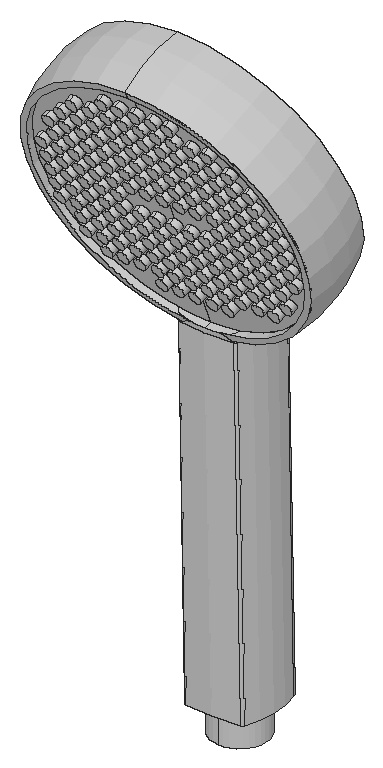
Revit family "Sanitary_Showers_hansgrohe_28031XXX-Activera-S-Hand-shower-100_1jet_EcoSmart", category Plumbing Fixtures, host Face, Revit 2022
Family settings
  Host = Face
  Round Connector Dimension = Use Diameter
  Part Type = Normal
  OmniClass Number = 23.31.17.00
  OmniClass Title = Showers
  Cut with Voids When Loaded = No
  Maintain Annotation Orientation = No
  Shared = No
  Room Calculation Point = No
Parameters (values of type "000 Chrome")
  Version = 1  # constant formula
  URL = "https://www.hansgrohe.com/"
  Product data url = "https://www.bimobject.com/en/hansgrohe/product/28031XXX"
  Product Page URL = "https://www.hansgrohe.com/articledetail--28031000"
  Model = "28031XXX"  # constant formula
  Material 1 = Hansgrohe - Metal - 000 Chrome
  Manufacturer = "Hansgrohe"  # constant formula
  Description = "Activera S Hand shower 100 1jet EcoSmart"  # constant formula
  Default Elevation = 0 mm
  Date Updated = ""
  Date Created = "2025/02/21"  # constant formula
Reference planes
  plane 1 "Center (Front/Back)": y = 0
  plane 2: z = 0
  plane 3 "Center (Left/Right)": x = 0
Forms (mm)
  Revolve 1, solid, material "Hansgrohe - Metal - 000 Chrome" <- "Material 1"
    sketch origin (0, 32.428, -26.033) x (0, 0.258819, 0.965926) y (0, -0.965926, 0.258819)
      loop
        line (14.416, 46.785) -> (4.756, 44.197) -> (7.094, 35.473) -> (16.753, 38.061) -> (14.416, 46.785)
      axis (16.753, 38.061) -> (7.094, 35.473)
    angle from 0 to 360
  Sweep 2, solid, material "Hansgrohe - Metal - 000 Chrome" <- "Material 1", detail levels fine
    path origin (0, 32.428, -26.033) x (0, 0.258819, 0.965926) y (0, -0.965926, 0.258819)
      loop
        line (7.175, 35.17) -> (130.749, 71.54)
        arc (130.749, 71.54) -> (134.829, 73.141) -> (138.567, 75.431) r 25
    profile origin (0, 0.313, -10) x (0, -0.999701, -0.024432) y (1, 0, 0)
      loop
        arc (10.586, -10.12) -> (11.012, -9.82) -> (11.229, -9.347) r 1
        arc (11.229, -9.347) -> (12.014, 0) -> (11.229, 9.347) r 56.037
        arc (11.229, 9.347) -> (11.012, 9.82) -> (10.586, 10.12) r 1
        arc (10.586, 10.12) -> (0, 11.994) -> (-10.586, 10.12) r 30.835
        arc (-10.586, 10.12) -> (-11.012, 9.82) -> (-11.229, 9.347) r 1
        arc (-11.229, 9.347) -> (-12.014, 0) -> (-11.229, -9.347) r 56.037
        arc (-11.229, -9.347) -> (-11.012, -9.82) -> (-10.586, -10.12) r 1
        arc (-10.586, -10.12) -> (0, -11.994) -> (10.586, -10.12) r 30.835
  Revolve 3, solid, material "Hansgrohe - Metal - 000 Chrome" <- "Material 1", detail levels fine
    sketch origin (0, 32.428, -26.033) x (0, 0.258819, 0.965926) y (0, -0.965926, 0.258819)
      loop
        arc (218.266, 119.458) -> (212.668, 130.299) -> (204.087, 138.974) r 40.382
        line (204.087, 138.974) -> (202.453, 137.763) -> (203.859, 135.865) -> (167.081, 108.75) -> (180.835, 90.188)
        arc (180.835, 90.188) -> (199.798, 104.506) -> (218.266, 119.458) r 702.416
      axis (165.741, 110.559) -> (180.835, 90.188)
    angle from 0 to 360
  Revolve 4, void
    sketch origin (0, 32.428, -26.033) x (0, 0.258819, 0.965926) y (0, -0.965926, 0.258819)
      loop
        line (169.372, 105.658) -> (206.15, 132.773) -> (200.414, 140.514) -> (163.702, 113.31) -> (169.372, 105.658)
      axis (163.702, 113.31) -> (169.438, 105.569)
    angle from 0 to 360
  Extrusion 5, solid, material "Hansgrohe - Metal - 000 Chrome" <- "Material 1", detail levels fine
    sketch origin (0, -29.27, 163.542) x (0, -0.367123, 0.930172) y (-1, 0, 0)
      loop
        circle (-1.101, 39.772) r 2
      loop
        circle (-1.101, 34.133) r 2
      loop
        circle (-1.101, 28.458) r 2
      loop
        circle (-1.101, 22.933) r 2
      loop
        circle (-1.101, 17.186) r 2
      loop
        circle (4.399, 39.772) r 2
      loop
        circle (4.399, 34.133) r 2
      loop
        circle (4.399, 28.458) r 2
      loop
        circle (4.399, 22.933) r 2
      loop
        circle (4.399, 17.186) r 2
      loop
        circle (4.399, 11.272) r 2
      loop
        circle (4.399, 5.747) r 2
      loop
        circle (4.399, 0) r 2
      loop
        circle (9.899, 39.772) r 2
      loop
        circle (9.899, 34.133) r 2
      loop
        circle (9.899, 28.458) r 2
      loop
        circle (9.899, 22.933) r 2
      loop
        circle (9.899, 17.186) r 2
      loop
        circle (9.899, 11.272) r 2
      loop
        circle (9.899, 5.747) r 2
      loop
        circle (9.899, 0) r 2
      loop
        circle (15.399, 34.133) r 2
      loop
        circle (15.399, 28.458) r 2
      loop
        circle (15.399, 22.933) r 2
      loop
        circle (15.399, 17.186) r 2
      loop
        circle (15.399, 11.272) r 2
      loop
        circle (15.399, 5.747) r 2
      loop
        circle (15.399, 0) r 2
      loop
        circle (20.899, 34.133) r 2
      loop
        circle (20.899, 28.458) r 2
      loop
        circle (20.899, 22.933) r 2
      loop
        circle (20.899, 17.186) r 2
      loop
        circle (20.899, 11.272) r 2
      loop
        circle (20.899, 5.747) r 2
      loop
        circle (20.899, 0) r 2
      loop
        circle (26.399, 28.458) r 2
      loop
        circle (26.399, 22.933) r 2
      loop
        circle (26.399, 17.186) r 2
      loop
        circle (26.399, 11.272) r 2
      loop
        circle (26.399, 5.747) r 2
      loop
        circle (26.399, 0) r 2
      loop
        circle (31.899, 22.933) r 2
      loop
        circle (31.899, 17.186) r 2
      loop
        circle (31.899, 11.272) r 2
      loop
        circle (31.899, 5.747) r 2
      loop
        circle (31.899, 0) r 2
      loop
        circle (37.399, 11.272) r 2
      loop
        circle (37.399, 5.747) r 2
      loop
        circle (37.399, 0) r 2
      loop
        circle (-1.101, -39.772) r 2
      loop
        circle (-1.101, -34.133) r 2
      loop
        circle (-1.101, -28.458) r 2
      loop
        circle (-1.101, -22.933) r 2
      loop
        circle (-1.101, -17.186) r 2
      loop
        circle (4.399, -39.772) r 2
      loop
        circle (4.399, -34.133) r 2
      loop
        circle (4.399, -28.458) r 2
      loop
        circle (4.399, -22.933) r 2
      loop
        circle (4.399, -17.186) r 2
      loop
        circle (4.399, -11.272) r 2
      loop
        circle (4.399, -5.747) r 2
      loop
        circle (9.899, -39.772) r 2
      loop
        circle (9.899, -34.133) r 2
      loop
        circle (9.899, -28.458) r 2
      loop
        circle (9.899, -22.933) r 2
      loop
        circle (9.899, -17.186) r 2
      loop
        circle (9.899, -11.272) r 2
      loop
        circle (9.899, -5.747) r 2
      loop
        circle (15.399, -34.133) r 2
      loop
        circle (15.399, -28.458) r 2
      loop
        circle (15.399, -22.933) r 2
      loop
        circle (15.399, -17.186) r 2
      loop
        circle (15.399, -11.272) r 2
      loop
        circle (15.399, -5.747) r 2
      loop
        circle (20.899, -34.133) r 2
      loop
        circle (20.899, -28.458) r 2
      loop
        circle (20.899, -22.933) r 2
      loop
        circle (20.899, -17.186) r 2
      loop
        circle (20.899, -11.272) r 2
      loop
        circle (20.899, -5.747) r 2
      loop
        circle (26.399, -28.458) r 2
      loop
        circle (26.399, -22.933) r 2
      loop
        circle (26.399, -17.186) r 2
      loop
        circle (26.399, -11.272) r 2
      loop
        circle (26.399, -5.747) r 2
      loop
        circle (31.899, -22.933) r 2
      loop
        circle (31.899, -17.186) r 2
      loop
        circle (31.899, -11.272) r 2
      loop
        circle (31.899, -5.747) r 2
      loop
        circle (37.399, -11.272) r 2
      loop
        circle (37.399, -5.747) r 2
      loop
        circle (-6.601, 39.772) r 2
      loop
        circle (-6.601, 34.133) r 2
      loop
        circle (-6.601, 28.458) r 2
      loop
        circle (-6.601, 22.933) r 2
      loop
        circle (-6.601, 17.186) r 2
      loop
        circle (-6.601, 11.272) r 2
      loop
        circle (-6.601, 5.747) r 2
      loop
        circle (-6.601, 0) r 2
      loop
        circle (-12.101, 39.772) r 2
      loop
        circle (-12.101, 34.133) r 2
      loop
        circle (-12.101, 28.458) r 2
      loop
        circle (-12.101, 22.933) r 2
      loop
        circle (-12.101, 17.186) r 2
      loop
        circle (-12.101, 11.272) r 2
      loop
        circle (-12.101, 5.747) r 2
      loop
        circle (-12.101, 0) r 2
      loop
        circle (-17.601, 34.133) r 2
      loop
        circle (-17.601, 28.458) r 2
      loop
        circle (-17.601, 22.933) r 2
      loop
        circle (-17.601, 17.186) r 2
      loop
        circle (-17.601, 11.272) r 2
      loop
        circle (-17.601, 5.747) r 2
      loop
        circle (-17.601, 0) r 2
      loop
        circle (-23.101, 34.133) r 2
      loop
        circle (-23.101, 28.458) r 2
      loop
        circle (-23.101, 22.933) r 2
      loop
        circle (-23.101, 17.186) r 2
      loop
        circle (-23.101, 11.272) r 2
      loop
        circle (-23.101, 5.747) r 2
      loop
        circle (-23.101, 0) r 2
      loop
        circle (-28.601, 28.458) r 2
      loop
        circle (-28.601, 22.933) r 2
      loop
        circle (-28.601, 17.186) r 2
      loop
        circle (-28.601, 11.272) r 2
      loop
        circle (-28.601, 5.747) r 2
      loop
        circle (-28.601, 0) r 2
      loop
        circle (-6.601, -39.772) r 2
      loop
        circle (-6.601, -34.133) r 2
      loop
        circle (-6.601, -28.458) r 2
      loop
        circle (-6.601, -22.933) r 2
      loop
        circle (-6.601, -17.186) r 2
      loop
        circle (-6.601, -11.272) r 2
      loop
        circle (-6.601, -5.747) r 2
      loop
        circle (-12.101, -39.772) r 2
      loop
        circle (-12.101, -34.133) r 2
      loop
        circle (-12.101, -28.458) r 2
      loop
        circle (-12.101, -22.933) r 2
      loop
        circle (-12.101, -17.186) r 2
      loop
        circle (-12.101, -11.272) r 2
      loop
        circle (-12.101, -5.747) r 2
      loop
        circle (-17.601, -34.133) r 2
      loop
        circle (-17.601, -28.458) r 2
      loop
        circle (-17.601, -22.933) r 2
      loop
        circle (-17.601, -17.186) r 2
      loop
        circle (-17.601, -11.272) r 2
      loop
        circle (-17.601, -5.747) r 2
      loop
        circle (-23.101, -34.133) r 2
      loop
        circle (-23.101, -28.458) r 2
      loop
        circle (-23.101, -22.933) r 2
      loop
        circle (-23.101, -17.186) r 2
      loop
        circle (-23.101, -11.272) r 2
      loop
        circle (-23.101, -5.747) r 2
      loop
        circle (-28.601, -28.458) r 2
      loop
        circle (-28.601, -22.933) r 2
      loop
        circle (-28.601, -17.186) r 2
      loop
        circle (-28.601, -11.272) r 2
      loop
        circle (-28.601, -5.747) r 2
      loop
        circle (-34.101, 11.272) r 2
      loop
        circle (-34.101, 5.747) r 2
      loop
        circle (-34.101, 0) r 2
      loop
        circle (-34.101, -11.272) r 2
      loop
        circle (-34.101, -5.747) r 2
    from 0 to 2.362
  Sweep 6, solid, material "Hansgrohe - Metal - 000 Chrome" <- "Material 1", detail levels medium
    path origin (0, 32.428, -26.033) x (0, 0.258819, 0.965926) y (0, -0.965926, 0.258819)
      loop
        line (7.175, 35.17) -> (130.749, 71.54)
        arc (130.749, 71.54) -> (134.829, 73.141) -> (138.567, 75.431) r 25
    profile origin (0, 0.313, -10) x (0, -0.999701, -0.024432) y (1, 0, 0)
      loop
        arc (10.586, -10.12) -> (11.012, -9.82) -> (11.229, -9.347) r 1
        arc (11.229, -9.347) -> (12.014, 0) -> (11.229, 9.347) r 56.037
        arc (11.229, 9.347) -> (11.012, 9.82) -> (10.586, 10.12) r 1
        arc (10.586, 10.12) -> (0, 11.994) -> (-10.586, 10.12) r 30.835
        arc (-10.586, 10.12) -> (-11.012, 9.82) -> (-11.229, 9.347) r 1
        arc (-11.229, 9.347) -> (-12.014, 0) -> (-11.229, -9.347) r 56.037
        arc (-11.229, -9.347) -> (-11.012, -9.82) -> (-10.586, -10.12) r 1
        arc (-10.586, -10.12) -> (0, -11.994) -> (10.586, -10.12) r 30.835
  Revolve 7, solid, material "Hansgrohe - Metal - 000 Chrome" <- "Material 1", detail levels coarse+medium
    sketch origin (0, 32.428, -26.033) x (0, 0.258819, 0.965926) y (0, -0.965926, 0.258819)
      loop
        line (180.193, 91.055) -> (219.929, 120.5) -> (205.403, 140.104) -> (165.666, 110.66) -> (180.193, 91.055)
      axis (165.666, 110.66) -> (180.193, 91.055)
    angle from 0 to 360
  Sweep 8, solid, material "Hansgrohe - Metal - 000 Chrome" <- "Material 1", detail levels coarse
    path origin (0, 32.428, -26.033) x (0, 0.258819, 0.965926) y (0, -0.965926, 0.258819)
      loop
        line (7.175, 35.17) -> (135.049, 72.805) -> (143.084, 78.759)
    profile origin (0, 0.313, -10) x (0, -0.999701, -0.024432) y (1, 0, 0)
      loop
        line (12.014, 11.994) -> (-12.014, 11.994) -> (-12.014, -11.994) -> (12.014, -11.994) -> (12.014, 11.994)
  Extrusion 9, void
    sketch origin (0, 0, -10) x (0, 1, 0) y (0, 0, 1)
      loop
        line (15.06, 10) -> (-20.935, 10) -> (-20.935, -2.815) -> (15.06, -2.815) -> (15.06, 10)
    from -25 to 25
Cuts and joins
  Revolve 4, Extrusion 9 cuts Sweep 2
  joined: Sweep 2, Revolve 3
  Extrusion 9 cuts Sweep 6
  Extrusion 9 cuts Sweep 8
Lines and regions (mm)
  Masking region 1
    outline origin (0, 32.428, -26.033) x (0, 0.258819, 0.965926) y (0, -0.965926, 0.258819)
      loop
        line (13.661, 49.602) -> (19.882, 26.386) -> (140.282, 61.822)
        arc (140.282, 61.822) -> (160.809, 75.648) -> (180.835, 90.188) r 702.416
        arc (180.835, 90.188) -> (199.798, 104.506) -> (218.266, 119.458) r 702.416
        arc (218.266, 119.458) -> (212.668, 130.299) -> (204.087, 138.974) r 40.382
        line (204.087, 138.974) -> (165.741, 110.559) -> (129.48, 83.69) -> (13.661, 49.602)
  Masking region 2
    outline origin (0, 0, 0) x (1, 0, 0) y (0, 0, 1)
      loop
        line (-11.994, 0) -> (11.994, 0) -> (11.994, 119.705)
        spline (11.994, 119.705) -> (16.981, 121.185) -> (21.763, 123.165) -> (26.284, 125.619) -> (30.488, 128.519) -> (34.326, 131.83) -> (37.751, 135.513) -> (40.722, 139.521) -> (43.203, 143.809) -> (45.164, 148.323) -> (46.582, 153.01) -> (47.44, 157.813) -> (47.727, 162.675)
        line (47.727, 162.675) -> (47.5, 171.53)
        spline (47.5, 171.53) -> (47.094, 177.297) -> (45.881, 182.966) -> (43.884, 188.438) -> (41.136, 193.622) -> (37.684, 198.427) -> (33.588, 202.772) -> (28.916, 206.583) -> (23.75, 209.794) -> (18.177, 212.35) -> (12.294, 214.208) -> (6.2, 215.335) -> (0, 215.713)
        spline (0, 215.713) -> (-6.2, 215.335) -> (-12.294, 214.208) -> (-18.177, 212.35) -> (-23.75, 209.794) -> (-28.916, 206.583) -> (-33.588, 202.772) -> (-37.684, 198.427) -> (-41.136, 193.622) -> (-43.884, 188.438) -> (-45.881, 182.966) -> (-47.094, 177.297) -> (-47.5, 171.53)
        line (-47.5, 171.53) -> (-47.727, 162.675)
        spline (-47.727, 162.675) -> (-47.44, 157.813) -> (-46.582, 153.01) -> (-45.164, 148.323) -> (-43.203, 143.809) -> (-40.722, 139.521) -> (-37.751, 135.513) -> (-34.326, 131.83) -> (-30.488, 128.519) -> (-26.284, 125.619) -> (-21.763, 123.165) -> (-16.981, 121.185) -> (-11.994, 119.705)
        line (-11.994, 119.705) -> (-11.994, 0)
  Masking region 3
    outline origin (0, 0, 0) x (1, 0, 0) y (0, 1, 0)
      loop
        spline (-11.994, 7.844) -> (-15.592, 7.442) -> (-19.092, 6.938) -> (-22.472, 6.334) -> (-25.712, 5.633) -> (-28.791, 4.84) -> (-31.689, 3.961) -> (-34.388, 3) -> (-36.873, 1.964) -> (-39.126, 0.858) -> (-41.133, -0.309) -> (-42.883, -1.531) -> (-44.365, -2.799)
        arc (-44.365, -2.799) -> (-49.59, -19.973) -> (-44.983, -37.322) r 32.766
        spline (-44.983, -37.322) -> (-43.115, -38.982) -> (-40.794, -40.562) -> (-38.045, -42.047) -> (-34.897, -43.42) -> (-31.382, -44.668) -> (-27.538, -45.778) -> (-23.404, -46.737) -> (-19.025, -47.536) -> (-14.447, -48.167) -> (-9.716, -48.622) -> (-4.884, -48.897) -> (0, -48.989)
        spline (0, -48.989) -> (4.884, -48.897) -> (9.716, -48.622) -> (14.447, -48.167) -> (19.025, -47.536) -> (23.404, -46.737) -> (27.538, -45.778) -> (31.382, -44.668) -> (34.897, -43.42) -> (38.045, -42.047) -> (40.794, -40.562) -> (43.115, -38.982) -> (44.983, -37.322)
        arc (44.983, -37.322) -> (49.59, -19.973) -> (44.365, -2.799) r 32.766
        spline (44.365, -2.799) -> (42.883, -1.531) -> (41.133, -0.309) -> (39.126, 0.858) -> (36.873, 1.964) -> (34.388, 3) -> (31.689, 3.961) -> (28.791, 4.84) -> (25.712, 5.633) -> (22.472, 6.334) -> (19.092, 6.938) -> (15.592, 7.442) -> (11.994, 7.844)
        line (11.994, 7.844) -> (11.994, 12.086) -> (0, 12.086) -> (-11.994, 12.086) -> (-11.994, 7.844)
  symbolic lines, detail levels medium+fine
    curve 1: arc (0, 8.409, 127.347) -> (0, -2.076, 121.106) -> (0, -13.946, 118.281) r 40.382
    curve 2: line (0, -13.946, 118.281) -> (0, -14.899, 120.695)
    curve 3: spline (0, 0, 207.069) -> (-6.042, 0, 206.711) -> (-11.986, 0, 205.646) -> (-17.738, 0, 203.888) -> (-23.205, 0, 201.468) -> (-28.297, 0, 198.424) -> (-32.935, 0, 194.804) -> (-37.043, 0, 190.667) -> (-40.555, 0, 186.08) -> (-43.414, 0, 181.116) -> (-45.574, 0, 175.856) -> (-47.002, 0, 170.384) -> (-47.673, 0, 164.787)
    curve 4: spline (0, 0, 207.069) -> (6.042, 0, 206.711) -> (11.986, 0, 205.646) -> (17.738, 0, 203.888) -> (23.205, 0, 201.468) -> (28.297, 0, 198.424) -> (32.935, 0, 194.804) -> (37.043, 0, 190.667) -> (40.555, 0, 186.08) -> (43.414, 0, 181.116) -> (45.574, 0, 175.856) -> (47.002, 0, 170.384) -> (47.673, 0, 164.787)
    curve 5: arc (11.994, 0, 119.705) -> (0, 0, 118.33) -> (-11.994, 0, 119.705) r 52.975
    curve 6: spline (0, 8.409, 0) -> (-1.01, 8.405, 0) -> (-2.02, 8.393, 0) -> (-3.029, 8.373, 0) -> (-4.037, 8.345, 0) -> (-5.043, 8.31, 0) -> (-6.046, 8.267, 0) -> (-7.047, 8.216, 0) -> (-8.045, 8.157, 0) -> (-9.038, 8.09, 0) -> (-10.028, 8.016, 0) -> (-11.014, 7.933, 0) -> (-11.994, 7.844, 0)
    curve 7: line (-11.994, 12.086, 0) -> (-11.994, 7.844, 0)
    curve 8: line (-11.994, 12.086, 0) -> (0, 12.086, 0)
    curve 9: line (11.994, 12.086, 0) -> (11.994, 7.844, 0)
    curve 10: line (11.994, 12.086, 0) -> (0, 12.086, 0)
    curve 12: spline (0, 8.409, 0) -> (1.01, 8.405, 0) -> (2.02, 8.393, 0) -> (3.029, 8.373, 0) -> (4.037, 8.345, 0) -> (5.043, 8.31, 0) -> (6.046, 8.267, 0) -> (7.047, 8.216, 0) -> (8.045, 8.157, 0) -> (9.038, 8.09, 0) -> (10.028, 8.016, 0) -> (11.014, 7.933, 0) -> (11.994, 7.844, 0)
  symbolic lines, detail levels fine
    curve 11: spline (-47.5, -9.03, 0) -> (-47.094, -11.306, 0) -> (-45.881, -13.543, 0) -> (-43.884, -15.703, 0) -> (-41.136, -17.749, 0) -> (-37.684, -19.646, 0) -> (-33.588, -21.361, 0) -> (-28.916, -22.865, 0) -> (-23.75, -24.132, 0) -> (-18.177, -25.141, 0) -> (-12.294, -25.874, 0) -> (-6.2, -26.319, 0) -> (0, -26.468, 0)
    curve 13: spline (47.5, -9.03, 0) -> (47.094, -11.306, 0) -> (45.881, -13.543, 0) -> (43.884, -15.703, 0) -> (41.136, -17.749, 0) -> (37.684, -19.646, 0) -> (33.588, -21.361, 0) -> (28.916, -22.865, 0) -> (23.75, -24.132, 0) -> (18.177, -25.141, 0) -> (12.294, -25.874, 0) -> (6.2, -26.319, 0) -> (0, -26.468, 0)
    curve 14: spline (-11.272, 0, 199.322) -> (-11.79, 0, 199.259) -> (-12.272, 0, 199.073) -> (-12.686, 0, 198.777) -> (-13.004, 0, 198.392) -> (-13.204, 0, 197.943) -> (-13.272, 0, 197.462) -> (-13.204, 0, 196.98) -> (-13.004, 0, 196.532) -> (-12.686, 0, 196.146) -> (-12.272, 0, 195.851) -> (-11.79, 0, 195.665) -> (-11.272, 0, 195.602)
    curve 15: spline (-11.272, 0, 195.602) -> (-10.754, 0, 195.665) -> (-10.272, 0, 195.851) -> (-9.858, 0, 196.146) -> (-9.54, 0, 196.532) -> (-9.34, 0, 196.98) -> (-9.272, 0, 197.462) -> (-9.34, 0, 197.943) -> (-9.54, 0, 198.392) -> (-9.858, 0, 198.777) -> (-10.272, 0, 199.073) -> (-10.754, 0, 199.259) -> (-11.272, 0, 199.322)
    curve 16: spline (-5.747, 0, 199.322) -> (-6.265, 0, 199.259) -> (-6.747, 0, 199.073) -> (-7.162, 0, 198.777) -> (-7.479, 0, 198.392) -> (-7.679, 0, 197.943) -> (-7.747, 0, 197.462) -> (-7.679, 0, 196.98) -> (-7.479, 0, 196.532) -> (-7.162, 0, 196.146) -> (-6.747, 0, 195.851) -> (-6.265, 0, 195.665) -> (-5.747, 0, 195.602)
    curve 17: spline (-5.747, 0, 195.602) -> (-5.23, 0, 195.665) -> (-4.747, 0, 195.851) -> (-4.333, 0, 196.146) -> (-4.015, 0, 196.532) -> (-3.816, 0, 196.98) -> (-3.747, 0, 197.462) -> (-3.816, 0, 197.943) -> (-4.015, 0, 198.392) -> (-4.333, 0, 198.777) -> (-4.747, 0, 199.073) -> (-5.23, 0, 199.259) -> (-5.747, 0, 199.322)
    curve 18: spline (0, 0, 199.322) -> (-0.518, 0, 199.259) -> (-1, 0, 199.073) -> (-1.414, 0, 198.777) -> (-1.732, 0, 198.392) -> (-1.932, 0, 197.943) -> (-2, 0, 197.462) -> (-1.932, 0, 196.98) -> (-1.732, 0, 196.532) -> (-1.414, 0, 196.146) -> (-1, 0, 195.851) -> (-0.518, 0, 195.665) -> (0, 0, 195.602)
    curve 19: spline (0, 0, 195.602) -> (0.518, 0, 195.665) -> (1, 0, 195.851) -> (1.414, 0, 196.146) -> (1.732, 0, 196.532) -> (1.932, 0, 196.98) -> (2, 0, 197.462) -> (1.932, 0, 197.943) -> (1.732, 0, 198.392) -> (1.414, 0, 198.777) -> (1, 0, 199.073) -> (0.518, 0, 199.259) -> (0, 0, 199.322)
    curve 20: spline (-11.272, 0, 194.206) -> (-11.79, 0, 194.143) -> (-12.272, 0, 193.957) -> (-12.686, 0, 193.661) -> (-13.004, 0, 193.276) -> (-13.204, 0, 192.827) -> (-13.272, 0, 192.346) -> (-13.204, 0, 191.864) -> (-13.004, 0, 191.416) -> (-12.686, 0, 191.03) -> (-12.272, 0, 190.735) -> (-11.79, 0, 190.549) -> (-11.272, 0, 190.486)
    curve 21: spline (-11.272, 0, 190.486) -> (-10.754, 0, 190.549) -> (-10.272, 0, 190.735) -> (-9.858, 0, 191.03) -> (-9.54, 0, 191.416) -> (-9.34, 0, 191.864) -> (-9.272, 0, 192.346) -> (-9.34, 0, 192.827) -> (-9.54, 0, 193.276) -> (-9.858, 0, 193.661) -> (-10.272, 0, 193.957) -> (-10.754, 0, 194.143) -> (-11.272, 0, 194.206)
    curve 22: spline (-5.747, 0, 194.206) -> (-6.265, 0, 194.143) -> (-6.747, 0, 193.957) -> (-7.162, 0, 193.661) -> (-7.479, 0, 193.276) -> (-7.679, 0, 192.827) -> (-7.747, 0, 192.346) -> (-7.679, 0, 191.864) -> (-7.479, 0, 191.416) -> (-7.162, 0, 191.03) -> (-6.747, 0, 190.735) -> (-6.265, 0, 190.549) -> (-5.747, 0, 190.486)
    curve 23: spline (-5.747, 0, 190.486) -> (-5.23, 0, 190.549) -> (-4.747, 0, 190.735) -> (-4.333, 0, 191.03) -> (-4.015, 0, 191.416) -> (-3.816, 0, 191.864) -> (-3.747, 0, 192.346) -> (-3.816, 0, 192.827) -> (-4.015, 0, 193.276) -> (-4.333, 0, 193.661) -> (-4.747, 0, 193.957) -> (-5.23, 0, 194.143) -> (-5.747, 0, 194.206)
    curve 24: spline (-22.933, 0, 194.206) -> (-23.451, 0, 194.143) -> (-23.933, 0, 193.957) -> (-24.348, 0, 193.661) -> (-24.665, 0, 193.276) -> (-24.865, 0, 192.827) -> (-24.933, 0, 192.346) -> (-24.865, 0, 191.864) -> (-24.665, 0, 191.416) -> (-24.348, 0, 191.03) -> (-23.933, 0, 190.735) -> (-23.451, 0, 190.549) -> (-22.933, 0, 190.486)
    curve 25: spline (-22.933, 0, 190.486) -> (-22.416, 0, 190.549) -> (-21.933, 0, 190.735) -> (-21.519, 0, 191.03) -> (-21.201, 0, 191.416) -> (-21.001, 0, 191.864) -> (-20.933, 0, 192.346) -> (-21.001, 0, 192.827) -> (-21.201, 0, 193.276) -> (-21.519, 0, 193.661) -> (-21.933, 0, 193.957) -> (-22.416, 0, 194.143) -> (-22.933, 0, 194.206)
    curve 26: spline (-17.186, 0, 194.206) -> (-17.704, 0, 194.143) -> (-18.186, 0, 193.957) -> (-18.6, 0, 193.661) -> (-18.918, 0, 193.276) -> (-19.118, 0, 192.827) -> (-19.186, 0, 192.346) -> (-19.118, 0, 191.864) -> (-18.918, 0, 191.416) -> (-18.6, 0, 191.03) -> (-18.186, 0, 190.735) -> (-17.704, 0, 190.549) -> (-17.186, 0, 190.486)
    curve 27: spline (-17.186, 0, 190.486) -> (-16.668, 0, 190.549) -> (-16.186, 0, 190.735) -> (-15.772, 0, 191.03) -> (-15.454, 0, 191.416) -> (-15.254, 0, 191.864) -> (-15.186, 0, 192.346) -> (-15.254, 0, 192.827) -> (-15.454, 0, 193.276) -> (-15.772, 0, 193.661) -> (-16.186, 0, 193.957) -> (-16.668, 0, 194.143) -> (-17.186, 0, 194.206)
    curve 28: spline (-28.458, 0, 189.09) -> (-28.976, 0, 189.027) -> (-29.458, 0, 188.841) -> (-29.872, 0, 188.545) -> (-30.19, 0, 188.16) -> (-30.39, 0, 187.711) -> (-30.458, 0, 187.23) -> (-30.39, 0, 186.748) -> (-30.19, 0, 186.3) -> (-29.872, 0, 185.915) -> (-29.458, 0, 185.619) -> (-28.976, 0, 185.433) -> (-28.458, 0, 185.37)
    curve 29: spline (-28.458, 0, 185.37) -> (-27.94, 0, 185.433) -> (-27.458, 0, 185.619) -> (-27.044, 0, 185.915) -> (-26.726, 0, 186.3) -> (-26.526, 0, 186.748) -> (-26.458, 0, 187.23) -> (-26.526, 0, 187.711) -> (-26.726, 0, 188.16) -> (-27.044, 0, 188.545) -> (-27.458, 0, 188.841) -> (-27.94, 0, 189.027) -> (-28.458, 0, 189.09)
    curve 30: spline (-22.933, 0, 189.09) -> (-23.451, 0, 189.027) -> (-23.933, 0, 188.841) -> (-24.348, 0, 188.545) -> (-24.665, 0, 188.16) -> (-24.865, 0, 187.711) -> (-24.933, 0, 187.23) -> (-24.865, 0, 186.748) -> (-24.665, 0, 186.3) -> (-24.348, 0, 185.915) -> (-23.933, 0, 185.619) -> (-23.451, 0, 185.433) -> (-22.933, 0, 185.37)
    curve 31: spline (-22.933, 0, 185.37) -> (-22.416, 0, 185.433) -> (-21.933, 0, 185.619) -> (-21.519, 0, 185.915) -> (-21.201, 0, 186.3) -> (-21.001, 0, 186.748) -> (-20.933, 0, 187.23) -> (-21.001, 0, 187.711) -> (-21.201, 0, 188.16) -> (-21.519, 0, 188.545) -> (-21.933, 0, 188.841) -> (-22.416, 0, 189.027) -> (-22.933, 0, 189.09)
    curve 32: spline (-17.186, 0, 189.09) -> (-17.704, 0, 189.027) -> (-18.186, 0, 188.841) -> (-18.6, 0, 188.545) -> (-18.918, 0, 188.16) -> (-19.118, 0, 187.711) -> (-19.186, 0, 187.23) -> (-19.118, 0, 186.748) -> (-18.918, 0, 186.3) -> (-18.6, 0, 185.915) -> (-18.186, 0, 185.619) -> (-17.704, 0, 185.433) -> (-17.186, 0, 185.37)
    curve 33: spline (-17.186, 0, 185.37) -> (-16.668, 0, 185.433) -> (-16.186, 0, 185.619) -> (-15.772, 0, 185.915) -> (-15.454, 0, 186.3) -> (-15.254, 0, 186.748) -> (-15.186, 0, 187.23) -> (-15.254, 0, 187.711) -> (-15.454, 0, 188.16) -> (-15.772, 0, 188.545) -> (-16.186, 0, 188.841) -> (-16.668, 0, 189.027) -> (-17.186, 0, 189.09)
    curve 34: spline (-11.272, 0, 189.09) -> (-11.79, 0, 189.027) -> (-12.272, 0, 188.841) -> (-12.686, 0, 188.545) -> (-13.004, 0, 188.16) -> (-13.204, 0, 187.711) -> (-13.272, 0, 187.23) -> (-13.204, 0, 186.748) -> (-13.004, 0, 186.3) -> (-12.686, 0, 185.915) -> (-12.272, 0, 185.619) -> (-11.79, 0, 185.433) -> (-11.272, 0, 185.37)
    curve 35: spline (-11.272, 0, 185.37) -> (-10.754, 0, 185.433) -> (-10.272, 0, 185.619) -> (-9.858, 0, 185.915) -> (-9.54, 0, 186.3) -> (-9.34, 0, 186.748) -> (-9.272, 0, 187.23) -> (-9.34, 0, 187.711) -> (-9.54, 0, 188.16) -> (-9.858, 0, 188.545) -> (-10.272, 0, 188.841) -> (-10.754, 0, 189.027) -> (-11.272, 0, 189.09)
    curve 36: spline (-5.747, 0, 189.09) -> (-6.265, 0, 189.027) -> (-6.747, 0, 188.841) -> (-7.162, 0, 188.545) -> (-7.479, 0, 188.16) -> (-7.679, 0, 187.711) -> (-7.747, 0, 187.23) -> (-7.679, 0, 186.748) -> (-7.479, 0, 186.3) -> (-7.162, 0, 185.915) -> (-6.747, 0, 185.619) -> (-6.265, 0, 185.433) -> (-5.747, 0, 185.37)
    curve 37: spline (-5.747, 0, 185.37) -> (-5.23, 0, 185.433) -> (-4.747, 0, 185.619) -> (-4.333, 0, 185.915) -> (-4.015, 0, 186.3) -> (-3.816, 0, 186.748) -> (-3.747, 0, 187.23) -> (-3.816, 0, 187.711) -> (-4.015, 0, 188.16) -> (-4.333, 0, 188.545) -> (-4.747, 0, 188.841) -> (-5.23, 0, 189.027) -> (-5.747, 0, 189.09)
    curve 38: spline (0, 0, 189.09) -> (-0.518, 0, 189.027) -> (-1, 0, 188.841) -> (-1.414, 0, 188.545) -> (-1.732, 0, 188.16) -> (-1.932, 0, 187.711) -> (-2, 0, 187.23) -> (-1.932, 0, 186.748) -> (-1.732, 0, 186.3) -> (-1.414, 0, 185.915) -> (-1, 0, 185.619) -> (-0.518, 0, 185.433) -> (0, 0, 185.37)
    curve 39: spline (0, 0, 185.37) -> (0.518, 0, 185.433) -> (1, 0, 185.619) -> (1.414, 0, 185.915) -> (1.732, 0, 186.3) -> (1.932, 0, 186.748) -> (2, 0, 187.23) -> (1.932, 0, 187.711) -> (1.732, 0, 188.16) -> (1.414, 0, 188.545) -> (1, 0, 188.841) -> (0.518, 0, 189.027) -> (0, 0, 189.09)
    curve 40: spline (0, 0, 194.206) -> (-0.518, 0, 194.143) -> (-1, 0, 193.957) -> (-1.414, 0, 193.661) -> (-1.732, 0, 193.276) -> (-1.932, 0, 192.827) -> (-2, 0, 192.346) -> (-1.932, 0, 191.864) -> (-1.732, 0, 191.416) -> (-1.414, 0, 191.03) -> (-1, 0, 190.735) -> (-0.518, 0, 190.549) -> (0, 0, 190.486)
    curve 41: spline (0, 0, 190.486) -> (0.518, 0, 190.549) -> (1, 0, 190.735) -> (1.414, 0, 191.03) -> (1.732, 0, 191.416) -> (1.932, 0, 191.864) -> (2, 0, 192.346) -> (1.932, 0, 192.827) -> (1.732, 0, 193.276) -> (1.414, 0, 193.661) -> (1, 0, 193.957) -> (0.518, 0, 194.143) -> (0, 0, 194.206)
    curve 42: spline (-34.133, 0, 183.974) -> (-34.65, 0, 183.911) -> (-35.133, 0, 183.725) -> (-35.547, 0, 183.429) -> (-35.865, 0, 183.044) -> (-36.065, 0, 182.596) -> (-36.133, 0, 182.114) -> (-36.065, 0, 181.633) -> (-35.865, 0, 181.184) -> (-35.547, 0, 180.799) -> (-35.133, 0, 180.503) -> (-34.65, 0, 180.317) -> (-34.133, 0, 180.254)
    curve 43: spline (-34.133, 0, 180.254) -> (-33.615, 0, 180.317) -> (-33.133, 0, 180.503) -> (-32.718, 0, 180.799) -> (-32.401, 0, 181.184) -> (-32.201, 0, 181.633) -> (-32.133, 0, 182.114) -> (-32.201, 0, 182.596) -> (-32.401, 0, 183.044) -> (-32.718, 0, 183.429) -> (-33.133, 0, 183.725) -> (-33.615, 0, 183.911) -> (-34.133, 0, 183.974)
    curve 44: spline (-28.458, 0, 183.974) -> (-28.976, 0, 183.911) -> (-29.458, 0, 183.725) -> (-29.872, 0, 183.429) -> (-30.19, 0, 183.044) -> (-30.39, 0, 182.596) -> (-30.458, 0, 182.114) -> (-30.39, 0, 181.633) -> (-30.19, 0, 181.184) -> (-29.872, 0, 180.799) -> (-29.458, 0, 180.503) -> (-28.976, 0, 180.317) -> (-28.458, 0, 180.254)
    curve 45: spline (-28.458, 0, 180.254) -> (-27.94, 0, 180.317) -> (-27.458, 0, 180.503) -> (-27.044, 0, 180.799) -> (-26.726, 0, 181.184) -> (-26.526, 0, 181.633) -> (-26.458, 0, 182.114) -> (-26.526, 0, 182.596) -> (-26.726, 0, 183.044) -> (-27.044, 0, 183.429) -> (-27.458, 0, 183.725) -> (-27.94, 0, 183.911) -> (-28.458, 0, 183.974)
    curve 46: spline (-22.933, 0, 183.974) -> (-23.451, 0, 183.911) -> (-23.933, 0, 183.725) -> (-24.348, 0, 183.429) -> (-24.665, 0, 183.044) -> (-24.865, 0, 182.596) -> (-24.933, 0, 182.114) -> (-24.865, 0, 181.633) -> (-24.665, 0, 181.184) -> (-24.348, 0, 180.799) -> (-23.933, 0, 180.503) -> (-23.451, 0, 180.317) -> (-22.933, 0, 180.254)
    curve 47: spline (-22.933, 0, 180.254) -> (-22.416, 0, 180.317) -> (-21.933, 0, 180.503) -> (-21.519, 0, 180.799) -> (-21.201, 0, 181.184) -> (-21.001, 0, 181.633) -> (-20.933, 0, 182.114) -> (-21.001, 0, 182.596) -> (-21.201, 0, 183.044) -> (-21.519, 0, 183.429) -> (-21.933, 0, 183.725) -> (-22.416, 0, 183.911) -> (-22.933, 0, 183.974)
    curve 48: spline (-17.186, 0, 183.974) -> (-17.704, 0, 183.911) -> (-18.186, 0, 183.725) -> (-18.6, 0, 183.429) -> (-18.918, 0, 183.044) -> (-19.118, 0, 182.596) -> (-19.186, 0, 182.114) -> (-19.118, 0, 181.633) -> (-18.918, 0, 181.184) -> (-18.6, 0, 180.799) -> (-18.186, 0, 180.503) -> (-17.704, 0, 180.317) -> (-17.186, 0, 180.254)
    curve 49: spline (-17.186, 0, 180.254) -> (-16.668, 0, 180.317) -> (-16.186, 0, 180.503) -> (-15.772, 0, 180.799) -> (-15.454, 0, 181.184) -> (-15.254, 0, 181.633) -> (-15.186, 0, 182.114) -> (-15.254, 0, 182.596) -> (-15.454, 0, 183.044) -> (-15.772, 0, 183.429) -> (-16.186, 0, 183.725) -> (-16.668, 0, 183.911) -> (-17.186, 0, 183.974)
    curve 50: spline (-11.272, 0, 183.974) -> (-11.79, 0, 183.911) -> (-12.272, 0, 183.725) -> (-12.686, 0, 183.429) -> (-13.004, 0, 183.044) -> (-13.204, 0, 182.596) -> (-13.272, 0, 182.114) -> (-13.204, 0, 181.633) -> (-13.004, 0, 181.184) -> (-12.686, 0, 180.799) -> (-12.272, 0, 180.503) -> (-11.79, 0, 180.317) -> (-11.272, 0, 180.254)
    curve 51: spline (-11.272, 0, 180.254) -> (-10.754, 0, 180.317) -> (-10.272, 0, 180.503) -> (-9.858, 0, 180.799) -> (-9.54, 0, 181.184) -> (-9.34, 0, 181.633) -> (-9.272, 0, 182.114) -> (-9.34, 0, 182.596) -> (-9.54, 0, 183.044) -> (-9.858, 0, 183.429) -> (-10.272, 0, 183.725) -> (-10.754, 0, 183.911) -> (-11.272, 0, 183.974)
    curve 52: spline (-5.747, 0, 183.974) -> (-6.265, 0, 183.911) -> (-6.747, 0, 183.725) -> (-7.162, 0, 183.429) -> (-7.479, 0, 183.044) -> (-7.679, 0, 182.596) -> (-7.747, 0, 182.114) -> (-7.679, 0, 181.633) -> (-7.479, 0, 181.184) -> (-7.162, 0, 180.799) -> (-6.747, 0, 180.503) -> (-6.265, 0, 180.317) -> (-5.747, 0, 180.254)
    curve 53: spline (-5.747, 0, 180.254) -> (-5.23, 0, 180.317) -> (-4.747, 0, 180.503) -> (-4.333, 0, 180.799) -> (-4.015, 0, 181.184) -> (-3.816, 0, 181.633) -> (-3.747, 0, 182.114) -> (-3.816, 0, 182.596) -> (-4.015, 0, 183.044) -> (-4.333, 0, 183.429) -> (-4.747, 0, 183.725) -> (-5.23, 0, 183.911) -> (-5.747, 0, 183.974)
    curve 54: spline (-34.133, 0, 178.858) -> (-34.65, 0, 178.795) -> (-35.133, 0, 178.609) -> (-35.547, 0, 178.314) -> (-35.865, 0, 177.928) -> (-36.065, 0, 177.48) -> (-36.133, 0, 176.998) -> (-36.065, 0, 176.517) -> (-35.865, 0, 176.068) -> (-35.547, 0, 175.683) -> (-35.133, 0, 175.387) -> (-34.65, 0, 175.201) -> (-34.133, 0, 175.138)
    curve 55: spline (-34.133, 0, 175.138) -> (-33.615, 0, 175.201) -> (-33.133, 0, 175.387) -> (-32.718, 0, 175.683) -> (-32.401, 0, 176.068) -> (-32.201, 0, 176.517) -> (-32.133, 0, 176.998) -> (-32.201, 0, 177.48) -> (-32.401, 0, 177.928) -> (-32.718, 0, 178.314) -> (-33.133, 0, 178.609) -> (-33.615, 0, 178.795) -> (-34.133, 0, 178.858)
    curve 56: spline (-28.458, 0, 178.858) -> (-28.976, 0, 178.795) -> (-29.458, 0, 178.609) -> (-29.872, 0, 178.314) -> (-30.19, 0, 177.928) -> (-30.39, 0, 177.48) -> (-30.458, 0, 176.998) -> (-30.39, 0, 176.517) -> (-30.19, 0, 176.068) -> (-29.872, 0, 175.683) -> (-29.458, 0, 175.387) -> (-28.976, 0, 175.201) -> (-28.458, 0, 175.138)
    curve 57: spline (-28.458, 0, 175.138) -> (-27.94, 0, 175.201) -> (-27.458, 0, 175.387) -> (-27.044, 0, 175.683) -> (-26.726, 0, 176.068) -> (-26.526, 0, 176.517) -> (-26.458, 0, 176.998) -> (-26.526, 0, 177.48) -> (-26.726, 0, 177.928) -> (-27.044, 0, 178.314) -> (-27.458, 0, 178.609) -> (-27.94, 0, 178.795) -> (-28.458, 0, 178.858)
    curve 58: spline (-22.933, 0, 178.858) -> (-23.451, 0, 178.795) -> (-23.933, 0, 178.609) -> (-24.348, 0, 178.314) -> (-24.665, 0, 177.928) -> (-24.865, 0, 177.48) -> (-24.933, 0, 176.998) -> (-24.865, 0, 176.517) -> (-24.665, 0, 176.068) -> (-24.348, 0, 175.683) -> (-23.933, 0, 175.387) -> (-23.451, 0, 175.201) -> (-22.933, 0, 175.138)
    curve 59: spline (-22.933, 0, 175.138) -> (-22.416, 0, 175.201) -> (-21.933, 0, 175.387) -> (-21.519, 0, 175.683) -> (-21.201, 0, 176.068) -> (-21.001, 0, 176.517) -> (-20.933, 0, 176.998) -> (-21.001, 0, 177.48) -> (-21.201, 0, 177.928) -> (-21.519, 0, 178.314) -> (-21.933, 0, 178.609) -> (-22.416, 0, 178.795) -> (-22.933, 0, 178.858)
    curve 60: spline (-17.186, 0, 178.858) -> (-17.704, 0, 178.795) -> (-18.186, 0, 178.609) -> (-18.6, 0, 178.314) -> (-18.918, 0, 177.928) -> (-19.118, 0, 177.48) -> (-19.186, 0, 176.998) -> (-19.118, 0, 176.517) -> (-18.918, 0, 176.068) -> (-18.6, 0, 175.683) -> (-18.186, 0, 175.387) -> (-17.704, 0, 175.201) -> (-17.186, 0, 175.138)
    curve 61: spline (-17.186, 0, 175.138) -> (-16.668, 0, 175.201) -> (-16.186, 0, 175.387) -> (-15.772, 0, 175.683) -> (-15.454, 0, 176.068) -> (-15.254, 0, 176.517) -> (-15.186, 0, 176.998) -> (-15.254, 0, 177.48) -> (-15.454, 0, 177.928) -> (-15.772, 0, 178.314) -> (-16.186, 0, 178.609) -> (-16.668, 0, 178.795) -> (-17.186, 0, 178.858)
    curve 62: spline (-11.272, 0, 178.858) -> (-11.79, 0, 178.795) -> (-12.272, 0, 178.609) -> (-12.686, 0, 178.314) -> (-13.004, 0, 177.928) -> (-13.204, 0, 177.48) -> (-13.272, 0, 176.998) -> (-13.204, 0, 176.517) -> (-13.004, 0, 176.068) -> (-12.686, 0, 175.683) -> (-12.272, 0, 175.387) -> (-11.79, 0, 175.201) -> (-11.272, 0, 175.138)
    curve 63: spline (-11.272, 0, 175.138) -> (-10.754, 0, 175.201) -> (-10.272, 0, 175.387) -> (-9.858, 0, 175.683) -> (-9.54, 0, 176.068) -> (-9.34, 0, 176.517) -> (-9.272, 0, 176.998) -> (-9.34, 0, 177.48) -> (-9.54, 0, 177.928) -> (-9.858, 0, 178.314) -> (-10.272, 0, 178.609) -> (-10.754, 0, 178.795) -> (-11.272, 0, 178.858)
    curve 64: spline (-5.747, 0, 178.858) -> (-6.265, 0, 178.795) -> (-6.747, 0, 178.609) -> (-7.162, 0, 178.314) -> (-7.479, 0, 177.928) -> (-7.679, 0, 177.48) -> (-7.747, 0, 176.998) -> (-7.679, 0, 176.517) -> (-7.479, 0, 176.068) -> (-7.162, 0, 175.683) -> (-6.747, 0, 175.387) -> (-6.265, 0, 175.201) -> (-5.747, 0, 175.138)
    curve 65: spline (-5.747, 0, 175.138) -> (-5.23, 0, 175.201) -> (-4.747, 0, 175.387) -> (-4.333, 0, 175.683) -> (-4.015, 0, 176.068) -> (-3.816, 0, 176.517) -> (-3.747, 0, 176.998) -> (-3.816, 0, 177.48) -> (-4.015, 0, 177.928) -> (-4.333, 0, 178.314) -> (-4.747, 0, 178.609) -> (-5.23, 0, 178.795) -> (-5.747, 0, 178.858)
    curve 66: spline (-34.133, 0, 173.742) -> (-34.65, 0, 173.679) -> (-35.133, 0, 173.493) -> (-35.547, 0, 173.198) -> (-35.865, 0, 172.812) -> (-36.065, 0, 172.364) -> (-36.133, 0, 171.882) -> (-36.065, 0, 171.401) -> (-35.865, 0, 170.952) -> (-35.547, 0, 170.567) -> (-35.133, 0, 170.271) -> (-34.65, 0, 170.085) -> (-34.133, 0, 170.022)
    curve 67: spline (-34.133, 0, 170.022) -> (-33.615, 0, 170.085) -> (-33.133, 0, 170.271) -> (-32.718, 0, 170.567) -> (-32.401, 0, 170.952) -> (-32.201, 0, 171.401) -> (-32.133, 0, 171.882) -> (-32.201, 0, 172.364) -> (-32.401, 0, 172.812) -> (-32.718, 0, 173.198) -> (-33.133, 0, 173.493) -> (-33.615, 0, 173.679) -> (-34.133, 0, 173.742)
    curve 68: spline (-28.458, 0, 173.742) -> (-28.976, 0, 173.679) -> (-29.458, 0, 173.493) -> (-29.872, 0, 173.198) -> (-30.19, 0, 172.812) -> (-30.39, 0, 172.364) -> (-30.458, 0, 171.882) -> (-30.39, 0, 171.401) -> (-30.19, 0, 170.952) -> (-29.872, 0, 170.567) -> (-29.458, 0, 170.271) -> (-28.976, 0, 170.085) -> (-28.458, 0, 170.022)
    curve 69: spline (-28.458, 0, 170.022) -> (-27.94, 0, 170.085) -> (-27.458, 0, 170.271) -> (-27.044, 0, 170.567) -> (-26.726, 0, 170.952) -> (-26.526, 0, 171.401) -> (-26.458, 0, 171.882) -> (-26.526, 0, 172.364) -> (-26.726, 0, 172.812) -> (-27.044, 0, 173.198) -> (-27.458, 0, 173.493) -> (-27.94, 0, 173.679) -> (-28.458, 0, 173.742)
    curve 70: spline (-22.933, 0, 173.742) -> (-23.451, 0, 173.679) -> (-23.933, 0, 173.493) -> (-24.348, 0, 173.198) -> (-24.665, 0, 172.812) -> (-24.865, 0, 172.364) -> (-24.933, 0, 171.882) -> (-24.865, 0, 171.401) -> (-24.665, 0, 170.952) -> (-24.348, 0, 170.567) -> (-23.933, 0, 170.271) -> (-23.451, 0, 170.085) -> (-22.933, 0, 170.022)
    curve 71: spline (-22.933, 0, 170.022) -> (-22.416, 0, 170.085) -> (-21.933, 0, 170.271) -> (-21.519, 0, 170.567) -> (-21.201, 0, 170.952) -> (-21.001, 0, 171.401) -> (-20.933, 0, 171.882) -> (-21.001, 0, 172.364) -> (-21.201, 0, 172.812) -> (-21.519, 0, 173.198) -> (-21.933, 0, 173.493) -> (-22.416, 0, 173.679) -> (-22.933, 0, 173.742)
    curve 72: spline (-17.186, 0, 173.742) -> (-17.704, 0, 173.679) -> (-18.186, 0, 173.493) -> (-18.6, 0, 173.198) -> (-18.918, 0, 172.812) -> (-19.118, 0, 172.364) -> (-19.186, 0, 171.882) -> (-19.118, 0, 171.401) -> (-18.918, 0, 170.952) -> (-18.6, 0, 170.567) -> (-18.186, 0, 170.271) -> (-17.704, 0, 170.085) -> (-17.186, 0, 170.022)
    curve 73: spline (-17.186, 0, 170.022) -> (-16.668, 0, 170.085) -> (-16.186, 0, 170.271) -> (-15.772, 0, 170.567) -> (-15.454, 0, 170.952) -> (-15.254, 0, 171.401) -> (-15.186, 0, 171.882) -> (-15.254, 0, 172.364) -> (-15.454, 0, 172.812) -> (-15.772, 0, 173.198) -> (-16.186, 0, 173.493) -> (-16.668, 0, 173.679) -> (-17.186, 0, 173.742)
    curve 74: spline (-11.272, 0, 173.742) -> (-11.79, 0, 173.679) -> (-12.272, 0, 173.493) -> (-12.686, 0, 173.198) -> (-13.004, 0, 172.812) -> (-13.204, 0, 172.364) -> (-13.272, 0, 171.882) -> (-13.204, 0, 171.401) -> (-13.004, 0, 170.952) -> (-12.686, 0, 170.567) -> (-12.272, 0, 170.271) -> (-11.79, 0, 170.085) -> (-11.272, 0, 170.022)
    curve 75: spline (-11.272, 0, 170.022) -> (-10.754, 0, 170.085) -> (-10.272, 0, 170.271) -> (-9.858, 0, 170.567) -> (-9.54, 0, 170.952) -> (-9.34, 0, 171.401) -> (-9.272, 0, 171.882) -> (-9.34, 0, 172.364) -> (-9.54, 0, 172.812) -> (-9.858, 0, 173.198) -> (-10.272, 0, 173.493) -> (-10.754, 0, 173.679) -> (-11.272, 0, 173.742)
    curve 76: spline (-5.747, 0, 173.742) -> (-6.265, 0, 173.679) -> (-6.747, 0, 173.493) -> (-7.162, 0, 173.198) -> (-7.479, 0, 172.812) -> (-7.679, 0, 172.364) -> (-7.747, 0, 171.882) -> (-7.679, 0, 171.401) -> (-7.479, 0, 170.952) -> (-7.162, 0, 170.567) -> (-6.747, 0, 170.271) -> (-6.265, 0, 170.085) -> (-5.747, 0, 170.022)
    curve 77: spline (-5.747, 0, 170.022) -> (-5.23, 0, 170.085) -> (-4.747, 0, 170.271) -> (-4.333, 0, 170.567) -> (-4.015, 0, 170.952) -> (-3.816, 0, 171.401) -> (-3.747, 0, 171.882) -> (-3.816, 0, 172.364) -> (-4.015, 0, 172.812) -> (-4.333, 0, 173.198) -> (-4.747, 0, 173.493) -> (-5.23, 0, 173.679) -> (-5.747, 0, 173.742)
    curve 78: spline (-34.133, 0, 168.627) -> (-34.65, 0, 168.563) -> (-35.133, 0, 168.377) -> (-35.547, 0, 168.082) -> (-35.865, 0, 167.696) -> (-36.065, 0, 167.248) -> (-36.133, 0, 166.766) -> (-36.065, 0, 166.285) -> (-35.865, 0, 165.836) -> (-35.547, 0, 165.451) -> (-35.133, 0, 165.155) -> (-34.65, 0, 164.969) -> (-34.133, 0, 164.906)
    curve 79: spline (-34.133, 0, 164.906) -> (-33.615, 0, 164.969) -> (-33.133, 0, 165.155) -> (-32.718, 0, 165.451) -> (-32.401, 0, 165.836) -> (-32.201, 0, 166.285) -> (-32.133, 0, 166.766) -> (-32.201, 0, 167.248) -> (-32.401, 0, 167.696) -> (-32.718, 0, 168.082) -> (-33.133, 0, 168.377) -> (-33.615, 0, 168.563) -> (-34.133, 0, 168.627)
    curve 80: spline (-28.458, 0, 168.627) -> (-28.976, 0, 168.563) -> (-29.458, 0, 168.377) -> (-29.872, 0, 168.082) -> (-30.19, 0, 167.696) -> (-30.39, 0, 167.248) -> (-30.458, 0, 166.766) -> (-30.39, 0, 166.285) -> (-30.19, 0, 165.836) -> (-29.872, 0, 165.451) -> (-29.458, 0, 165.155) -> (-28.976, 0, 164.969) -> (-28.458, 0, 164.906)
    curve 81: spline (-28.458, 0, 164.906) -> (-27.94, 0, 164.969) -> (-27.458, 0, 165.155) -> (-27.044, 0, 165.451) -> (-26.726, 0, 165.836) -> (-26.526, 0, 166.285) -> (-26.458, 0, 166.766) -> (-26.526, 0, 167.248) -> (-26.726, 0, 167.696) -> (-27.044, 0, 168.082) -> (-27.458, 0, 168.377) -> (-27.94, 0, 168.563) -> (-28.458, 0, 168.627)
    curve 82: spline (-22.933, 0, 168.627) -> (-23.451, 0, 168.563) -> (-23.933, 0, 168.377) -> (-24.348, 0, 168.082) -> (-24.665, 0, 167.696) -> (-24.865, 0, 167.248) -> (-24.933, 0, 166.766) -> (-24.865, 0, 166.285) -> (-24.665, 0, 165.836) -> (-24.348, 0, 165.451) -> (-23.933, 0, 165.155) -> (-23.451, 0, 164.969) -> (-22.933, 0, 164.906)
    curve 83: spline (-22.933, 0, 164.906) -> (-22.416, 0, 164.969) -> (-21.933, 0, 165.155) -> (-21.519, 0, 165.451) -> (-21.201, 0, 165.836) -> (-21.001, 0, 166.285) -> (-20.933, 0, 166.766) -> (-21.001, 0, 167.248) -> (-21.201, 0, 167.696) -> (-21.519, 0, 168.082) -> (-21.933, 0, 168.377) -> (-22.416, 0, 168.563) -> (-22.933, 0, 168.627)
    curve 84: spline (-17.186, 0, 168.627) -> (-17.704, 0, 168.563) -> (-18.186, 0, 168.377) -> (-18.6, 0, 168.082) -> (-18.918, 0, 167.696) -> (-19.118, 0, 167.248) -> (-19.186, 0, 166.766) -> (-19.118, 0, 166.285) -> (-18.918, 0, 165.836) -> (-18.6, 0, 165.451) -> (-18.186, 0, 165.155) -> (-17.704, 0, 164.969) -> (-17.186, 0, 164.906)
    curve 85: spline (-17.186, 0, 164.906) -> (-16.668, 0, 164.969) -> (-16.186, 0, 165.155) -> (-15.772, 0, 165.451) -> (-15.454, 0, 165.836) -> (-15.254, 0, 166.285) -> (-15.186, 0, 166.766) -> (-15.254, 0, 167.248) -> (-15.454, 0, 167.696) -> (-15.772, 0, 168.082) -> (-16.186, 0, 168.377) -> (-16.668, 0, 168.563) -> (-17.186, 0, 168.627)
    curve 86: spline (-11.272, 0, 168.627) -> (-11.79, 0, 168.563) -> (-12.272, 0, 168.377) -> (-12.686, 0, 168.082) -> (-13.004, 0, 167.696) -> (-13.204, 0, 167.248) -> (-13.272, 0, 166.766) -> (-13.204, 0, 166.285) -> (-13.004, 0, 165.836) -> (-12.686, 0, 165.451) -> (-12.272, 0, 165.155) -> (-11.79, 0, 164.969) -> (-11.272, 0, 164.906)
    curve 87: spline (-11.272, 0, 164.906) -> (-10.754, 0, 164.969) -> (-10.272, 0, 165.155) -> (-9.858, 0, 165.451) -> (-9.54, 0, 165.836) -> (-9.34, 0, 166.285) -> (-9.272, 0, 166.766) -> (-9.34, 0, 167.248) -> (-9.54, 0, 167.696) -> (-9.858, 0, 168.082) -> (-10.272, 0, 168.377) -> (-10.754, 0, 168.563) -> (-11.272, 0, 168.627)
    curve 88: spline (-5.747, 0, 168.627) -> (-6.265, 0, 168.563) -> (-6.747, 0, 168.377) -> (-7.162, 0, 168.082) -> (-7.479, 0, 167.696) -> (-7.679, 0, 167.248) -> (-7.747, 0, 166.766) -> (-7.679, 0, 166.285) -> (-7.479, 0, 165.836) -> (-7.162, 0, 165.451) -> (-6.747, 0, 165.155) -> (-6.265, 0, 164.969) -> (-5.747, 0, 164.906)
    curve 89: spline (-5.747, 0, 164.906) -> (-5.23, 0, 164.969) -> (-4.747, 0, 165.155) -> (-4.333, 0, 165.451) -> (-4.015, 0, 165.836) -> (-3.816, 0, 166.285) -> (-3.747, 0, 166.766) -> (-3.816, 0, 167.248) -> (-4.015, 0, 167.696) -> (-4.333, 0, 168.082) -> (-4.747, 0, 168.377) -> (-5.23, 0, 168.563) -> (-5.747, 0, 168.627)
    curve 90: spline (-34.133, 0, 163.511) -> (-34.65, 0, 163.447) -> (-35.133, 0, 163.261) -> (-35.547, 0, 162.966) -> (-35.865, 0, 162.58) -> (-36.065, 0, 162.132) -> (-36.133, 0, 161.65) -> (-36.065, 0, 161.169) -> (-35.865, 0, 160.72) -> (-35.547, 0, 160.335) -> (-35.133, 0, 160.039) -> (-34.65, 0, 159.853) -> (-34.133, 0, 159.79)
    curve 91: spline (-34.133, 0, 159.79) -> (-33.615, 0, 159.853) -> (-33.133, 0, 160.039) -> (-32.718, 0, 160.335) -> (-32.401, 0, 160.72) -> (-32.201, 0, 161.169) -> (-32.133, 0, 161.65) -> (-32.201, 0, 162.132) -> (-32.401, 0, 162.58) -> (-32.718, 0, 162.966) -> (-33.133, 0, 163.261) -> (-33.615, 0, 163.447) -> (-34.133, 0, 163.511)
    curve 92: spline (-28.458, 0, 163.511) -> (-28.976, 0, 163.447) -> (-29.458, 0, 163.261) -> (-29.872, 0, 162.966) -> (-30.19, 0, 162.58) -> (-30.39, 0, 162.132) -> (-30.458, 0, 161.65) -> (-30.39, 0, 161.169) -> (-30.19, 0, 160.72) -> (-29.872, 0, 160.335) -> (-29.458, 0, 160.039) -> (-28.976, 0, 159.853) -> (-28.458, 0, 159.79)
    curve 93: spline (-28.458, 0, 159.79) -> (-27.94, 0, 159.853) -> (-27.458, 0, 160.039) -> (-27.044, 0, 160.335) -> (-26.726, 0, 160.72) -> (-26.526, 0, 161.169) -> (-26.458, 0, 161.65) -> (-26.526, 0, 162.132) -> (-26.726, 0, 162.58) -> (-27.044, 0, 162.966) -> (-27.458, 0, 163.261) -> (-27.94, 0, 163.447) -> (-28.458, 0, 163.511)
    curve 94: spline (-22.933, 0, 163.511) -> (-23.451, 0, 163.447) -> (-23.933, 0, 163.261) -> (-24.348, 0, 162.966) -> (-24.665, 0, 162.58) -> (-24.865, 0, 162.132) -> (-24.933, 0, 161.65) -> (-24.865, 0, 161.169) -> (-24.665, 0, 160.72) -> (-24.348, 0, 160.335) -> (-23.933, 0, 160.039) -> (-23.451, 0, 159.853) -> (-22.933, 0, 159.79)
    curve 95: spline (-22.933, 0, 159.79) -> (-22.416, 0, 159.853) -> (-21.933, 0, 160.039) -> (-21.519, 0, 160.335) -> (-21.201, 0, 160.72) -> (-21.001, 0, 161.169) -> (-20.933, 0, 161.65) -> (-21.001, 0, 162.132) -> (-21.201, 0, 162.58) -> (-21.519, 0, 162.966) -> (-21.933, 0, 163.261) -> (-22.416, 0, 163.447) -> (-22.933, 0, 163.511)
    curve 96: spline (-17.186, 0, 163.511) -> (-17.704, 0, 163.447) -> (-18.186, 0, 163.261) -> (-18.6, 0, 162.966) -> (-18.918, 0, 162.58) -> (-19.118, 0, 162.132) -> (-19.186, 0, 161.65) -> (-19.118, 0, 161.169) -> (-18.918, 0, 160.72) -> (-18.6, 0, 160.335) -> (-18.186, 0, 160.039) -> (-17.704, 0, 159.853) -> (-17.186, 0, 159.79)
    curve 97: spline (-17.186, 0, 159.79) -> (-16.668, 0, 159.853) -> (-16.186, 0, 160.039) -> (-15.772, 0, 160.335) -> (-15.454, 0, 160.72) -> (-15.254, 0, 161.169) -> (-15.186, 0, 161.65) -> (-15.254, 0, 162.132) -> (-15.454, 0, 162.58) -> (-15.772, 0, 162.966) -> (-16.186, 0, 163.261) -> (-16.668, 0, 163.447) -> (-17.186, 0, 163.511)
    curve 98: spline (0, 0, 183.974) -> (-0.518, 0, 183.911) -> (-1, 0, 183.725) -> (-1.414, 0, 183.429) -> (-1.732, 0, 183.044) -> (-1.932, 0, 182.596) -> (-2, 0, 182.114) -> (-1.932, 0, 181.633) -> (-1.732, 0, 181.184) -> (-1.414, 0, 180.799) -> (-1, 0, 180.503) -> (-0.518, 0, 180.317) -> (0, 0, 180.254)
    curve 99: spline (0, 0, 180.254) -> (0.518, 0, 180.317) -> (1, 0, 180.503) -> (1.414, 0, 180.799) -> (1.732, 0, 181.184) -> (1.932, 0, 181.633) -> (2, 0, 182.114) -> (1.932, 0, 182.596) -> (1.732, 0, 183.044) -> (1.414, 0, 183.429) -> (1, 0, 183.725) -> (0.518, 0, 183.911) -> (0, 0, 183.974)
    curve 100: spline (0, 0, 173.742) -> (-0.518, 0, 173.679) -> (-1, 0, 173.493) -> (-1.414, 0, 173.198) -> (-1.732, 0, 172.812) -> (-1.932, 0, 172.364) -> (-2, 0, 171.882) -> (-1.932, 0, 171.401) -> (-1.732, 0, 170.952) -> (-1.414, 0, 170.567) -> (-1, 0, 170.271) -> (-0.518, 0, 170.085) -> (0, 0, 170.022)
    curve 101: spline (0, 0, 170.022) -> (0.518, 0, 170.085) -> (1, 0, 170.271) -> (1.414, 0, 170.567) -> (1.732, 0, 170.952) -> (1.932, 0, 171.401) -> (2, 0, 171.882) -> (1.932, 0, 172.364) -> (1.732, 0, 172.812) -> (1.414, 0, 173.198) -> (1, 0, 173.493) -> (0.518, 0, 173.679) -> (0, 0, 173.742)
    curve 102: spline (0, 0, 178.858) -> (-0.518, 0, 178.795) -> (-1, 0, 178.609) -> (-1.414, 0, 178.314) -> (-1.732, 0, 177.928) -> (-1.932, 0, 177.48) -> (-2, 0, 176.998) -> (-1.932, 0, 176.517) -> (-1.732, 0, 176.068) -> (-1.414, 0, 175.683) -> (-1, 0, 175.387) -> (-0.518, 0, 175.201) -> (0, 0, 175.138)
    curve 103: spline (0, 0, 175.138) -> (0.518, 0, 175.201) -> (1, 0, 175.387) -> (1.414, 0, 175.683) -> (1.732, 0, 176.068) -> (1.932, 0, 176.517) -> (2, 0, 176.998) -> (1.932, 0, 177.48) -> (1.732, 0, 177.928) -> (1.414, 0, 178.314) -> (1, 0, 178.609) -> (0.518, 0, 178.795) -> (0, 0, 178.858)
    curve 104: spline (0, 0, 168.627) -> (-0.518, 0, 168.563) -> (-1, 0, 168.377) -> (-1.414, 0, 168.082) -> (-1.732, 0, 167.696) -> (-1.932, 0, 167.248) -> (-2, 0, 166.766) -> (-1.932, 0, 166.285) -> (-1.732, 0, 165.836) -> (-1.414, 0, 165.451) -> (-1, 0, 165.155) -> (-0.518, 0, 164.969) -> (0, 0, 164.906)
    curve 105: spline (0, 0, 164.906) -> (0.518, 0, 164.969) -> (1, 0, 165.155) -> (1.414, 0, 165.451) -> (1.732, 0, 165.836) -> (1.932, 0, 166.285) -> (2, 0, 166.766) -> (1.932, 0, 167.248) -> (1.732, 0, 167.696) -> (1.414, 0, 168.082) -> (1, 0, 168.377) -> (0.518, 0, 168.563) -> (0, 0, 168.627)
    curve 106: spline (-39.772, 0, 173.742) -> (-40.29, 0, 173.679) -> (-40.772, 0, 173.493) -> (-41.186, 0, 173.198) -> (-41.504, 0, 172.812) -> (-41.704, 0, 172.364) -> (-41.772, 0, 171.882) -> (-41.704, 0, 171.401) -> (-41.504, 0, 170.952) -> (-41.186, 0, 170.567) -> (-40.772, 0, 170.271) -> (-40.29, 0, 170.085) -> (-39.772, 0, 170.022)
    curve 107: spline (-39.772, 0, 170.022) -> (-39.254, 0, 170.085) -> (-38.772, 0, 170.271) -> (-38.358, 0, 170.567) -> (-38.04, 0, 170.952) -> (-37.84, 0, 171.401) -> (-37.772, 0, 171.882) -> (-37.84, 0, 172.364) -> (-38.04, 0, 172.812) -> (-38.358, 0, 173.198) -> (-38.772, 0, 173.493) -> (-39.254, 0, 173.679) -> (-39.772, 0, 173.742)
    curve 108: spline (-39.772, 0, 168.627) -> (-40.29, 0, 168.563) -> (-40.772, 0, 168.377) -> (-41.186, 0, 168.082) -> (-41.504, 0, 167.696) -> (-41.704, 0, 167.248) -> (-41.772, 0, 166.766) -> (-41.704, 0, 166.285) -> (-41.504, 0, 165.836) -> (-41.186, 0, 165.451) -> (-40.772, 0, 165.155) -> (-40.29, 0, 164.969) -> (-39.772, 0, 164.906)
    curve 109: spline (-39.772, 0, 164.906) -> (-39.254, 0, 164.969) -> (-38.772, 0, 165.155) -> (-38.358, 0, 165.451) -> (-38.04, 0, 165.836) -> (-37.84, 0, 166.285) -> (-37.772, 0, 166.766) -> (-37.84, 0, 167.248) -> (-38.04, 0, 167.696) -> (-38.358, 0, 168.082) -> (-38.772, 0, 168.377) -> (-39.254, 0, 168.563) -> (-39.772, 0, 168.627)
    curve 110: spline (-39.772, 0, 163.511) -> (-40.29, 0, 163.447) -> (-40.772, 0, 163.261) -> (-41.186, 0, 162.966) -> (-41.504, 0, 162.58) -> (-41.704, 0, 162.132) -> (-41.772, 0, 161.65) -> (-41.704, 0, 161.169) -> (-41.504, 0, 160.72) -> (-41.186, 0, 160.335) -> (-40.772, 0, 160.039) -> (-40.29, 0, 159.853) -> (-39.772, 0, 159.79)
    curve 111: spline (-39.772, 0, 159.79) -> (-39.254, 0, 159.853) -> (-38.772, 0, 160.039) -> (-38.358, 0, 160.335) -> (-38.04, 0, 160.72) -> (-37.84, 0, 161.169) -> (-37.772, 0, 161.65) -> (-37.84, 0, 162.132) -> (-38.04, 0, 162.58) -> (-38.358, 0, 162.966) -> (-38.772, 0, 163.261) -> (-39.254, 0, 163.447) -> (-39.772, 0, 163.511)
